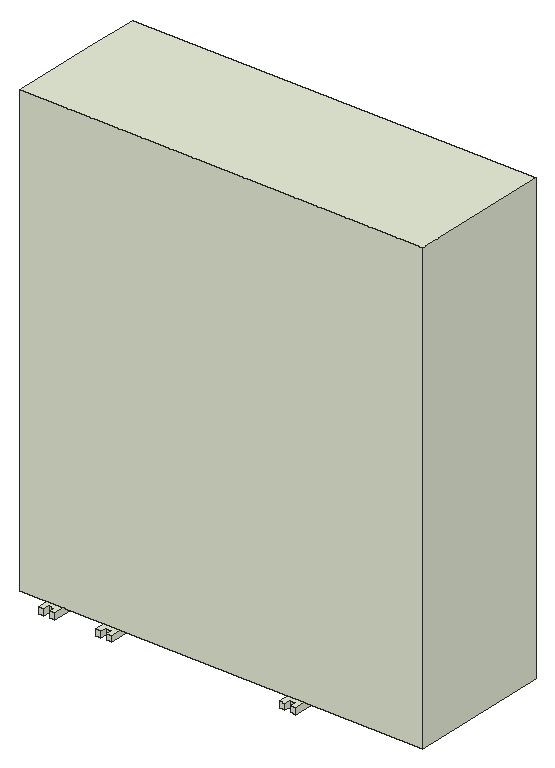
Revit family "Midea_V4+I_Outdoor_MDV-V450W_DRN1(DC50Hz)", category Mechanical Equipment, Revit 2013
Parameters (values of type "MDV-V450W/DRN1")
  clearance access right = 400.000 mm
  clearance access left = 600.000 mm
  clearance access front = 412.000 mm
  clearance access behind = 400.000 mm
  clearance [instance] = no
  Width = 1460.000 mm
  URL = "http://cac.midea.com/mideacac/product/VRF_System/v4_plus_individual_type/201506/t20150610_180809.shtml"
  Series = "V4 Plus"
  Power supply = "380-415V 3N~50Hz"
  Net Weight = 275.00 kg
  Model = "MDV-V450W/DRN1"
  Manufacturer = "Midea"
  Machine material = Galvanized Steel
  Casing color = SB2014
  MFA (Maximum Fuse Amps) = 60 A
  Liquid pipe = 12.700 mm
  Installation = "outdoor installation"
  Height = 1650.000 mm
  Heating Power Input = 12.7 kW
  Heating Capacity = 50 kW
  Gas pipe = 25.400 mm
  MCA (Minimum Circuit Amps) = 52.5 A
  Gas = "R410a"
  Description = "High efficiency air cooled"
  Depth = 540.000 mm
  Cooling Power Input = 13.6 kW
  Cooling Capacity = 50 kW
  Condensation = "air"
  Compressor = "2"
  Air Flow = 16575.000 m³/h
Reference planes
  plane 1 "中心(前/后)": y = 0
  plane 2: z = 0
  plane 3: x = -222
  plane 4: y = -200
  plane 5: y = 214
  plane 6: x = -599.5
  plane 7: x = 760.5
Forms (mm)
  Extrusion 1, solid, material "Galvanized Steel" <- "Machine material", detail levels medium+fine
    sketch origin (0, 8.2, 0) x (1, 0, 0) y (0, 1, 0)
      loop
        line (-699.5, 0) -> (-699.5, -322.2) -> (760.5, -322.2) -> (760.5, 191.8) -> (-699.5, 191.8) -> (-699.5, 0)
    from 22 to 1650
  Extrusion 2, void
    sketch origin (0, 0, 116.036) x (0, 1, 0) y (0, 0, 1)
      loop
        circle (-159.19, 448.964) r 15
    from -294.069 to -246.534
  Extrusion 3, void
    sketch origin (0, 334.19, 121.386) x (0, 1, 0) y (0, 0, 1)
      loop
        circle (-173.453, 443.614) r 15
    from -391.559 to -333.913
  Extrusion 4, solid, material "Galvanized Steel" <- "Machine material", detail levels medium+fine
    sketch origin (-868.7, -45.795, 165.026) x (0, 0, 1) y (-1, 0, 0)
      loop
        line (-143.026, -475) -> (-165.026, -475) -> (-165.026, -535) -> (-143.026, -535) -> (-143.026, -475)
    from -309.795 to 308.205
  Extrusion 5, void
    sketch origin (-868.7, 0, 0) x (0, 1, 0) y (1, 0, 0)
      loop
        line (270, 495) -> (270, 515) -> (247, 515) -> (247, 495) -> (270, 495)
    from -44.461 to 34
  Extrusion 6, void
    sketch origin (-868.7, 0, 0) x (0, 1, 0) y (1, 0, 0)
      loop
        line (-354, 495) -> (-334, 495) -> (-334, 515) -> (-354, 515) -> (-354, 495)
    from -44.461 to 34
  Extrusion 7, solid, material "Galvanized Steel" <- "Machine material", detail levels fine
    sketch origin (4267.2, 225, 1530.88) x (0, 0, -1) y (-1, 0, 0)
      loop
        line (627.963, 4348.7) -> (28.88, 4348.7) -> (28.88, 3775.7) -> (627.963, 3775.7) -> (627.963, 4348.7)
    from -25 to -11
  Extrusion 8, solid, material "Galvanized Steel" <- "Machine material", detail levels medium+fine
    sketch origin (-1074.5, -45.795, 165.026) x (0, 0, 1) y (-1, 0, 0)
      loop
        line (-143.026, -475) -> (-165.026, -475) -> (-165.026, -535) -> (-143.026, -535) -> (-143.026, -475)
    from -309.795 to 308.205
  Extrusion 9, void
    sketch origin (-1074.5, 0, 0) x (0, 1, 0) y (1, 0, 0)
      loop
        line (270, 495) -> (270, 515) -> (247, 515) -> (247, 495) -> (270, 495)
    from -44.461 to 34
  Extrusion 10, void
    sketch origin (-1074.5, 0, 0) x (0, 1, 0) y (1, 0, 0)
      loop
        line (-354, 495) -> (-334, 495) -> (-334, 515) -> (-354, 515) -> (-354, 495)
    from -44.461 to 34
  Extrusion 11, solid, material "Galvanized Steel" <- "Machine material", detail levels fine
    sketch origin (4267.2, 225, 141.12) x (0, 0, 1) y (1, 0, 0)
      loop
        line (1360.88, -4402.2) -> (-77.12, -4402.2) -> (-77.12, -4630.9) -> (72.88, -4630.9) -> (72.88, -4831.92) -> (1360.88, -4831.92) -> (1360.88, -4402.2)
    from -25 to -11
  Extrusion 12, void
    sketch origin (121.179, 250, 1200) x (-1, 0, 0) y (0, 0, 1)
      loop
        line (515.593, -452.375) -> (515.593, -517.121) -> (630.338, -517.121) -> (630.338, -452.375) -> (515.593, -452.375)
    from -50 to 88.894
  Extrusion 13, solid, material "Galvanized Steel" <- "Machine material", detail levels medium+fine
    sketch origin (809.3, -45.795, 165.026) x (0, 0, 1) y (-1, 0, 0)
      loop
        line (-143.026, 475) -> (-143.026, 535) -> (-165.026, 535) -> (-165.026, 475) -> (-143.026, 475)
    from -309.795 to 308.205
  Extrusion 14, void
    sketch origin (4621.5, -270, 989.604) x (0, 0, -1) y (-1, 0, 0)
      loop
        line (967.604, 4327.2) -> (967.604, 4307.2) -> (989.604, 4307.2) -> (989.604, 4327.2) -> (967.604, 4327.2)
    from -84 to -64
  Extrusion 15, void
    sketch origin (4252.7, -270, 989.604) x (0, 0, -1) y (-1, 0, 0)
      loop
        line (971.341, 4842.2) -> (971.341, 4802.2) -> (986.127, 4802.2) -> (986.127, 4842.2) -> (971.341, 4842.2)
    from 0 to 683.68
  Extrusion 16, void
    sketch origin (4621.5, -270, 989.604) x (0, 0, -1) y (-1, 0, 0)
      loop
        line (971.341, 4337.2) -> (971.341, 4297.2) -> (986.127, 4297.2) -> (986.127, 4337.2) -> (971.341, 4337.2)
    from 0 to 564.972
  Extrusion 17, void
    sketch origin (3398.5, -270, 989.604) x (0, 0, -1) y (-1, 0, 0)
      loop
        line (971.341, 3782.2) -> (971.341, 3742.2) -> (986.127, 3742.2) -> (986.127, 3782.2) -> (971.341, 3782.2)
    from 0 to 586.895
  Extrusion 18, solid, material "Galvanized Steel" <- "Machine material", detail levels fine
    sketch origin (4267.2, 225, 68.62) x (0, 0, 1) y (1, 0, 0)
      loop
        line (627.963, -4348.7) -> (627.963, -3775.7) -> (28.88, -3775.7) -> (28.88, -4348.7) -> (627.963, -4348.7)
    from -25 to -11
  Extrusion 19, void
    sketch origin (4621.5, 270, 989.604) x (0, 0, -1) y (1, 0, 0)
      loop
        line (967.604, -4327.2) -> (989.604, -4327.2) -> (989.604, -4307.2) -> (967.604, -4307.2) -> (967.604, -4327.2)
    from -33.404 to 23
  Extrusion 20, void
    sketch origin (0, -200, 22) x (0, 0, -1) y (-1, 0, 0)
      loop
        line (-725.625, 394.414) -> (-660.879, 394.414) -> (-660.879, 509.159) -> (-725.625, 509.159) -> (-725.625, 394.414)
    from -64 to 18.623
  Extrusion 21, solid, detail levels medium+fine
    sketch origin (-599.5, 0, 1558) x (0, 0, -1) y (0, 1, 0)
      loop
        circle (1398.461, -40) r 6.35
    from 0 to 34
  Extrusion 22, solid, detail levels medium+fine
    sketch origin (-599.5, 0, 1558) x (0, 0, -1) y (0, 1, 0)
      loop
        circle (1447.985, -40) r 12.7
    from -100.107 to 34
  Extrusion 23, solid, detail levels medium+fine
    sketch origin (-599.5, 41.781, 1607.793) x (0, 0, -1) y (0, 1, 0)
      loop
        circle (1447.985, -40) r 9.55
    from -100.5 to 34
Cuts and joins
  Extrusion 2, Extrusion 3, Extrusion 20 cuts Extrusion 1
  Extrusion 5, Extrusion 6, Extrusion 9, Extrusion 17 cuts Extrusion 4
  Extrusion 9, Extrusion 10, Extrusion 15 cuts Extrusion 8
  Extrusion 12 cuts Extrusion 11
  Extrusion 14, Extrusion 16, Extrusion 19 cuts Extrusion 13
Lines and regions (mm)
  symbolic lines, not visible
    curve 1: line (751.5, -283.6, 140) -> (631.5, -283.6, 140)
    curve 2: line (631.5, -283.6, 140) -> (631.5, -263.6, 140)
    curve 3: line (631.5, -263.6, 140) -> (589.074, -306.026, 140)
    curve 4: line (751.5, -328.453, 140) -> (631.5, -328.453, 140)
    curve 5: line (631.5, -328.453, 140) -> (631.5, -348.453, 140)
    curve 6: line (631.5, -348.453, 140) -> (589.074, -306.026, 140)
    curve 7: line (751.5, -283.6, 140) -> (751.5, -328.453, 140)
  model lines, detail levels fine
    curve 8: line (-599.5, 0, 518.191) -> (-599.5, 80, 518.191)
    curve 9: line (-599.5, 80, 518.191) -> (-599.5, 80, 218.191)
    curve 10: line (-599.5, 80, 218.191) -> (-599.5, -80, 218.191)
    curve 11: line (-599.5, -80, 218.191) -> (-599.5, -80, 518.191)
    curve 12: line (-599.5, -80, 518.191) -> (-599.5, 0, 518.191)
    curve 13: line (-599.5, -80, 498.191) -> (-599.5, 80, 498.191)
    curve 14: line (-599.5, -80, 478.191) -> (-599.5, 80, 478.191)
    curve 15: line (-599.5, -80, 458.191) -> (-599.5, 80, 458.191)
    curve 16: line (-599.5, -80, 438.191) -> (-599.5, 80, 438.191)
    curve 17: line (-599.5, -80, 418.191) -> (-599.5, 80, 418.191)
    curve 18: line (-599.5, -80, 398.191) -> (-599.5, 80, 398.191)
    curve 19: line (-599.5, -80, 378.191) -> (-599.5, 80, 378.191)
    curve 20: line (-599.5, -80, 358.191) -> (-599.5, 80, 358.191)
    curve 21: line (-599.5, -80, 338.191) -> (-599.5, 80, 338.191)
    curve 22: line (-599.5, -80, 318.191) -> (-599.5, 80, 318.191)
    curve 23: line (-599.5, -80, 298.191) -> (-599.5, 80, 298.191)
    curve 24: line (-599.5, -80, 278.191) -> (-599.5, 80, 278.191)
    curve 25: line (-599.5, -80, 258.191) -> (-599.5, 80, 258.191)
    curve 26: line (-599.5, -80, 238.191) -> (-599.5, 80, 238.191)
    curve 27: line (-599.5, -80, 218.191) -> (-599.5, 80, 218.191)
    curve 28: line (-599.5, 150.011, 180) -> (-599.5, 150.011, 64)
    curve 29: line (-599.5, 80, 180) -> (-599.5, 150.011, 180)
    curve 30: line (-599.5, 80, 64) -> (-599.5, 80, 180)
    curve 31: line (-599.5, 150.011, 64) -> (-599.5, 80, 64)
    curve 33: line (-438.5, 214, 1119.013) -> (-238.035, 214, 1003.275)
    curve 34: line (-455, 214, 1090.434) -> (-254.535, 214, 974.696)
    curve 35: arc (-455, 214, 1090.434) -> (-461.039, 214, 1112.974) -> (-438.5, 214, 1119.013) r 16.5
    curve 36: arc (-254.535, 214, 974.696) -> (-243.488, 214, 972.724) -> (-233.734, 214, 978.275) r 16.5
    curve 37: line (-233.734, 214, 978.275) -> (-194.247, 214, 955.477)
    curve 38: arc (-230.734, 214, 983.471) -> (-230.804, 214, 994.693) -> (-238.035, 214, 1003.275) r 16.5
    curve 39: line (-230.734, 214, 983.471) -> (-189.216, 214, 959.5)
    curve 40: circle (205, 214, 397) r 60 normal (0, -1, 0)
    curve 41: circle (205, 214, 397) r 80 normal (0, -1, 0)
    curve 42: circle (205, 214, 397) r 100 normal (0, -1, 0)
    curve 43: circle (205, 214, 397) r 120 normal (0, -1, 0)
    curve 44: circle (205, 214, 397) r 140 normal (0, -1, 0)
    curve 45: circle (205, 214, 397) r 160 normal (0, -1, 0)
    curve 46: circle (205, 214, 397) r 180 normal (0, -1, 0)
    curve 47: circle (205, 214, 397) r 200 normal (0, -1, 0)
    curve 48: circle (205, 214, 397) r 220 normal (0, -1, 0)
    curve 49: circle (205, 214, 397) r 240 normal (0, -1, 0)
    curve 50: circle (205, 214, 397) r 260 normal (0, -1, 0)
    curve 51: arc (271.982, 214, 125.13) -> (389.888, 214, 186.723) -> (466.063, 214, 295.777) r 280
    curve 52: arc (409.173, 214, 125.13) -> (439.478, 214, 150.789) -> (466.585, 214, 179.806) r 340
    curve 53: arc (156.323, 214, 432.079) -> (97.265, 214, 543.042) -> (113.864, 214, 667.641) r 205.533
    curve 54: arc (209.932, 214, 456.797) -> (249.977, 214, 572.528) -> (326.048, 214, 668.5) r 365
    curve 55: arc (240.079, 214, 445.677) -> (345.721, 214, 503.703) -> (465.73, 214, 492.524) r 205.533
    curve 56: arc (264.797, 214, 392.068) -> (374.078, 214, 355.477) -> (466.504, 214, 286.638) r 365
    curve 57: arc (169.921, 214, 348.323) -> (62.005, 214, 289.838) -> (-60, 214, 303.29) r 205.533
    curve 58: arc (145.203, 214, 401.932) -> (33.502, 214, 439.799) -> (-60.292, 214, 511.31) r 365
    curve 59: arc (332.623, 214, 125.5) -> (409.353, 214, 177.364) -> (466.607, 214, 250.161) r 300
    curve 60: arc (-60.433, 214, 184.526) -> (-31.461, 214, 152.692) -> (1.301, 214, 124.774) r 340
    curve 61: arc (-60.381, 214, 218.191) -> (-17.011, 214, 166.542) -> (36.22, 214, 125.13) r 320
    curve 62: arc (-60, 214, 256.376) -> (-3.218, 214, 181.025) -> (74.16, 214, 127.035) r 300
    curve 63: arc (0.335, 214, 668.5) -> (-31.296, 214, 641.467) -> (-59.388, 214, 610.773) r 340
    curve 64: arc (35.625, 214, 668.5) -> (-17.018, 214, 627.451) -> (-60, 214, 576.374) r 320
    curve 65: arc (77.377, 214, 668.5) -> (-1.638, 214, 614.487) -> (-59.62, 214, 538.338) r 300
    curve 66: arc (136.533, 214, 668.5) -> (14.771, 214, 602.458) -> (-60.434, 214, 486.132) r 280
    curve 67: arc (465.164, 214, 615.894) -> (438.898, 214, 643.762) -> (409.665, 214, 668.5) r 340
    curve 68: arc (466.063, 214, 582.057) -> (424.516, 214, 629.836) -> (374.375, 214, 668.5) r 320
    curve 69: arc (466.063, 214, 544.804) -> (408.947, 214, 617.013) -> (332.623, 214, 668.5) r 300
    curve 70: arc (466.063, 214, 498.223) -> (390.462, 214, 606.771) -> (273.467, 214, 668.5) r 280
    curve 71: arc (-60, 214, 306.584) -> (15.832, 214, 190.565) -> (138.018, 214, 125.13) r 280
    curve 72: arc (200.068, 214, 337.203) -> (160.117, 214, 221.642) -> (84.241, 214, 125.76) r 365
    curve 73: line (466.063, 214, 125.13) -> (-60, 214, 125.13)
    curve 74: line (-60, 214, 125.13) -> (-60, 214, 668.5)
    curve 75: arc (384.26, 214, 131.923) -> (428.767, 214, 168.246) -> (466.063, 214, 211.943) r 320
    curve 76: line (466.063, 214, 125.13) -> (466.063, 214, 668.5)
    curve 77: line (466.063, 214, 668.5) -> (-60, 214, 668.5)
    curve 78: arc (234.916, 214, 344.99) -> (292.286, 214, 242.391) -> (284.044, 214, 125.13) r 205.533
    curve 79: circle (205, 214, 1199.791) r 60 normal (0, 1, 0)
    curve 80: circle (205, 214, 1199.791) r 80 normal (0, 1, 0)
    curve 81: circle (205, 214, 1199.791) r 100 normal (0, 1, 0)
    curve 82: circle (205, 214, 1199.791) r 120 normal (0, 1, 0)
    curve 83: circle (205, 214, 1199.791) r 140 normal (0, 1, 0)
    curve 84: circle (205, 214, 1199.791) r 160 normal (0, 1, 0)
    curve 85: circle (205, 214, 1199.791) r 180 normal (0, 1, 0)
    curve 86: circle (205, 214, 1199.791) r 200 normal (0, 1, 0)
    curve 87: circle (205, 214, 1199.791) r 220 normal (0, 1, 0)
    curve 88: circle (205, 214, 1199.791) r 240 normal (0, 1, 0)
    curve 89: circle (205, 214, 1199.791) r 260 normal (0, 1, 0)
    curve 90: arc (271.982, 214, 1471.661) -> (389.888, 214, 1410.068) -> (466.063, 214, 1301.014) r 280
    curve 91: arc (409.173, 214, 1471.661) -> (439.478, 214, 1446.002) -> (466.585, 214, 1416.985) r 340
    curve 92: arc (156.323, 214, 1164.712) -> (97.265, 214, 1053.749) -> (113.864, 214, 929.15) r 205.533
    curve 93: arc (209.932, 214, 1139.994) -> (249.977, 214, 1024.263) -> (326.048, 214, 928.291) r 365
    curve 94: arc (240.079, 214, 1151.114) -> (345.721, 214, 1093.088) -> (465.73, 214, 1104.267) r 205.533
    curve 95: arc (264.797, 214, 1204.722) -> (374.078, 214, 1241.314) -> (466.504, 214, 1310.153) r 365
    curve 96: arc (169.921, 214, 1248.468) -> (62.005, 214, 1306.953) -> (-60, 214, 1293.501) r 205.533
    curve 97: arc (145.203, 214, 1194.859) -> (33.502, 214, 1156.992) -> (-60.292, 214, 1085.481) r 365
    curve 98: arc (332.623, 214, 1471.291) -> (409.353, 214, 1419.426) -> (466.607, 214, 1346.63) r 300
    curve 99: arc (-60.433, 214, 1412.265) -> (-31.461, 214, 1444.099) -> (1.301, 214, 1472.017) r 340
    curve 100: arc (-60.381, 214, 1378.6) -> (-17.011, 214, 1430.249) -> (36.22, 214, 1471.661) r 320
    curve 101: arc (-60, 214, 1340.415) -> (-3.218, 214, 1415.766) -> (74.16, 214, 1469.756) r 300
    curve 102: arc (0.335, 214, 928.291) -> (-31.296, 214, 955.324) -> (-59.388, 214, 986.018) r 340
    curve 103: arc (35.625, 214, 928.291) -> (-17.018, 214, 969.339) -> (-60, 214, 1020.417) r 320
    curve 104: arc (77.377, 214, 928.291) -> (-1.638, 214, 982.304) -> (-59.62, 214, 1058.453) r 300
    curve 105: arc (136.533, 214, 928.291) -> (14.771, 214, 994.333) -> (-60.434, 214, 1110.659) r 280
    curve 106: arc (465.164, 214, 980.897) -> (438.898, 214, 953.029) -> (409.665, 214, 928.291) r 340
    curve 107: arc (466.063, 214, 1014.734) -> (424.516, 214, 966.955) -> (374.375, 214, 928.291) r 320
    curve 108: arc (466.063, 214, 1051.987) -> (408.947, 214, 979.778) -> (332.623, 214, 928.291) r 300
    curve 109: arc (466.063, 214, 1098.568) -> (390.462, 214, 990.02) -> (273.467, 214, 928.291) r 280
    curve 110: arc (-60, 214, 1290.207) -> (15.832, 214, 1406.226) -> (138.018, 214, 1471.661) r 280
    curve 111: arc (200.068, 214, 1259.588) -> (160.117, 214, 1375.149) -> (84.241, 214, 1471.031) r 365
    curve 112: line (466.063, 214, 1471.661) -> (-60, 214, 1471.661)
    curve 113: line (-60, 214, 1471.661) -> (-60, 214, 928.291)
    curve 114: arc (384.26, 214, 1464.868) -> (428.767, 214, 1428.544) -> (466.063, 214, 1384.848) r 320
    curve 115: line (466.063, 214, 1471.661) -> (466.063, 214, 928.291)
    curve 116: line (466.063, 214, 928.291) -> (-60, 214, 928.291)
    curve 117: arc (234.916, 214, 1251.801) -> (292.286, 214, 1354.4) -> (284.044, 214, 1471.661) r 205.533
    curve 118: line (491.5, 200, 843.732) -> (346.5, 200, 843.732)
    curve 119: line (491.5, 200, 755.768) -> (491.5, 200, 843.732)
    curve 120: line (346.5, 200, 755.768) -> (491.5, 200, 755.768)
    curve 121: line (346.5, 200, 843.732) -> (346.5, 200, 755.768)
    curve 122: line (287.279, 200, 817.219) -> (-81.5, 200, 817.219)
    curve 123: line (287.279, 200, 782.281) -> (287.279, 200, 817.219)
    curve 124: line (-81.5, 200, 782.281) -> (287.279, 200, 782.281)
    curve 125: line (-81.5, 200, 817.219) -> (-81.5, 200, 782.281)
    curve 126: line (-438.5, 214, 1244.013) -> (-238.035, 214, 1128.275)
    curve 127: line (-455, 214, 1215.434) -> (-254.535, 214, 1099.696)
    curve 128: arc (-455, 214, 1215.434) -> (-461.039, 214, 1237.974) -> (-438.5, 214, 1244.013) r 16.5
    curve 129: line (-438.5, 214, 1369.013) -> (-238.035, 214, 1253.275)
    curve 130: line (-455, 214, 1340.434) -> (-254.535, 214, 1224.696)
    curve 131: arc (-455, 214, 1340.434) -> (-461.039, 214, 1362.974) -> (-438.5, 214, 1369.013) r 16.5
    curve 132: arc (-238.035, 214, 1253.275) -> (-231.996, 214, 1230.735) -> (-254.535, 214, 1224.696) r 16.5
    curve 133: arc (-238.035, 214, 1128.275) -> (-231.996, 214, 1105.735) -> (-254.535, 214, 1099.696) r 16.5
    curve 134: line (-438.5, 214, 480.487) -> (-238.035, 214, 596.225)
    curve 135: line (-455, 214, 509.066) -> (-254.535, 214, 624.804)
    curve 136: arc (-455, 214, 509.066) -> (-461.039, 214, 486.526) -> (-438.5, 214, 480.487) r 16.5
    curve 137: arc (-254.535, 214, 624.804) -> (-243.488, 214, 626.776) -> (-233.734, 214, 621.225) r 16.5
    curve 138: line (-233.734, 214, 621.225) -> (-194.247, 214, 644.023)
    curve 139: arc (-230.734, 214, 616.029) -> (-230.804, 214, 604.807) -> (-238.035, 214, 596.225) r 16.5
    curve 140: line (-230.734, 214, 616.029) -> (-189.216, 214, 640)
    curve 141: line (-438.5, 214, 355.487) -> (-238.035, 214, 471.225)
    curve 142: line (-455, 214, 384.066) -> (-254.535, 214, 499.804)
    curve 143: arc (-455, 214, 384.066) -> (-461.039, 214, 361.526) -> (-438.5, 214, 355.487) r 16.5
    curve 144: line (-438.5, 214, 230.487) -> (-238.035, 214, 346.225)
    curve 145: line (-455, 214, 259.066) -> (-254.535, 214, 374.804)
    curve 146: arc (-455, 214, 259.066) -> (-461.039, 214, 236.526) -> (-438.5, 214, 230.487) r 16.5
    curve 147: arc (-238.035, 214, 346.225) -> (-231.996, 214, 368.765) -> (-254.535, 214, 374.804) r 16.5
    curve 148: arc (-238.035, 214, 471.225) -> (-231.996, 214, 493.765) -> (-254.535, 214, 499.804) r 16.5
    curve 149: line (-194.247, 214, 955.477) -> (-194.247, 214, 644.023)
    curve 150: line (-189.216, 214, 959.5) -> (-189.216, 214, 640)
    curve 151: line (-599.5, 20, 929.15) -> (-599.5, 20, 1472.017)
    curve 152: line (-599.5, -20, 1472.017) -> (-599.5, -20, 929.15)
    curve 153: line (-599.5, 80, 929.15) -> (-599.5, 80, 1472.017)
    curve 154: line (-599.5, 40, 1472.017) -> (-599.5, 40, 929.15)
    curve 155: arc (-599.5, -20, 1472.017) -> (-599.5, 0, 1492.017) -> (-599.5, 20, 1472.017) r 20
    curve 156: arc (-599.5, 40, 1472.017) -> (-599.5, 60, 1492.017) -> (-599.5, 80, 1472.017) r 20
    curve 157: arc (-599.5, 40, 929.15) -> (-599.5, 60, 909.15) -> (-599.5, 80, 929.15) r 20
    curve 158: arc (-599.5, -20, 929.15) -> (-599.5, 0, 909.15) -> (-599.5, 20, 929.15) r 20
    curve 159: line (-599.5, -80, 929.15) -> (-599.5, -80, 1472.017)
    curve 160: line (-599.5, -40, 1472.017) -> (-599.5, -40, 929.15)
    curve 161: arc (-599.5, -40, 1472.017) -> (-599.5, -60, 1492.017) -> (-599.5, -80, 1472.017) r 20
    curve 162: arc (-599.5, -40, 929.15) -> (-599.5, -60, 909.15) -> (-599.5, -80, 929.15) r 20
  reference lines
    curve 32: line (-579.5, 250, 0) -> (-579.5, 247, 0)
  model lines
    curve 163: circle (-599.5, -40, 110.015) r 9.55 normal (1, 0, 0)
    curve 164: line (760.5, -314, 1650) -> (760.5, 200, 1650)
    curve 165: line (760.5, 200, 1650) -> (-699.5, 200, 1650)
    curve 166: line (-699.5, 200, 1650) -> (-699.5, -314, 1650)
    curve 167: line (-699.5, -314, 1650) -> (760.5, -314, 1650)
    curve 168: line (760.5, -314, 22) -> (760.5, 200, 22)
    curve 169: line (760.5, 200, 22) -> (-699.5, 200, 22)
    curve 170: line (-699.5, 200, 22) -> (-699.5, -314, 22)
    curve 171: line (-699.5, -314, 22) -> (760.5, -314, 22)
    curve 172: line (-699.5, 200, 1650) -> (-699.5, 200, 22)
    curve 173: line (-699.5, -314, 22) -> (-699.5, -314, 1650)
    curve 174: line (760.5, 200, 1650) -> (760.5, 200, 22)
    curve 175: line (760.5, -314, 22) -> (760.5, -314, 1650)
Dimensions and locks
  cut or joined group of Extrusion 1, Extrusion 2, Extrusion 3, Extrusion 20 to cut or joined group of Extrusion 1, Extrusion 2, Extrusion 3, Extrusion 20 = 1460.000 mm
  "Depth": cut or joined group of Extrusion 1, Extrusion 2, Extrusion 3, Extrusion 20 to nested 1
  "Height": level to cut or joined group of Extrusion 1, Extrusion 2, Extrusion 3, Extrusion 20
  "Width": cut or joined group of Extrusion 1, Extrusion 2, Extrusion 3, Extrusion 20 to cut or joined group of Extrusion 1, Extrusion 2, Extrusion 3, Extrusion 20
  "clearance access right": nested 3 to nested 3
  "clearance access left": nested 4 to cut or joined group of Extrusion 1, Extrusion 2, Extrusion 3, Extrusion 20
  "clearance access front": nested 1 to cut or joined group of Extrusion 11, Extrusion 12
  "Liquid pipe": diameter of Extrusion 21
  "Gas pipe": diameter of Extrusion 22
  aligned and locked: level to plane 2
Automatic sketch dimensions
  Extrusion 1 sketch curve to plane 6 = 100.000 mm
  plane 4 to Extrusion 1 sketch curve = 114.000 mm
  Extrusion 1 sketch curve to plane 1 "中心(前/后)" = 8.200 mm
  Extrusion 1 sketch curve to plane 3 = 982.500 mm
  Extrusion 2 sketch curve to plane 4 = 40.810 mm
  level to Extrusion 2 sketch curve = 565.000 mm
  level to Extrusion 3 sketch curve = 565.000 mm
  Extrusion 4 sketch curve to level = 0.000 mm
  level to Extrusion 4 sketch curve = 22.000 mm
  plane 3 to Extrusion 4 sketch curve = 111.700 mm
  Extrusion 4 sketch curve to Extrusion 4 sketch curve = 60.000 mm
  Extrusion 5 sketch curve to plane 5 = 33.000 mm
  Extrusion 5 sketch curve to plane 5 = 56.000 mm
  plane 3 to Extrusion 5 sketch curve = 131.700 mm
  Extrusion 5 sketch curve to Extrusion 5 sketch curve = 20.000 mm
  plane 4 to Extrusion 6 sketch curve = 154.000 mm
  plane 3 to Extrusion 6 sketch curve = 131.700 mm
  Extrusion 6 sketch curve to Extrusion 6 sketch curve = 20.000 mm  (x2)
  plane 6 to curve 32 = 20.000 mm
  curve 32 to plane 5 = 33.000 mm
  curve 32 to curve 32 = 3.000 mm
  Extrusion 7 sketch curve to plane 3 = 713.500 mm
  Extrusion 7 sketch curve to plane 3 = 140.500 mm
  Extrusion 7 sketch curve to Extrusion 7 sketch curve = 599.082 mm
  Extrusion 8 sketch curve to level = 0.000 mm
  plane 6 to Extrusion 8 sketch curve = 0.000 mm
  level to Extrusion 8 sketch curve = 22.000 mm
  plane 6 to Extrusion 8 sketch curve = 60.000 mm
  Extrusion 9 sketch curve to plane 5 = 33.000 mm
  plane 6 to Extrusion 9 sketch curve = 40.000 mm
  Extrusion 9 sketch curve to Extrusion 9 sketch curve = 23.000 mm
  plane 6 to Extrusion 9 sketch curve = 20.000 mm
  plane 6 to Extrusion 10 sketch curve = 20.000 mm
  plane 4 to Extrusion 10 sketch curve = 154.000 mm
  plane 6 to Extrusion 10 sketch curve = 40.000 mm
  Extrusion 10 sketch curve to Extrusion 10 sketch curve = 20.000 mm
  level to Extrusion 11 sketch curve = 64.000 mm
  plane 6 to Extrusion 11 sketch curve = 34.780 mm
  Extrusion 11 sketch curve to Extrusion 11 sketch curve = 150.000 mm
  plane 3 to Extrusion 11 sketch curve = 141.700 mm
  Extrusion 11 sketch curve to plane 3 = 87.000 mm
  plane 3 to Extrusion 12 sketch curve = 172.414 mm
  level to Extrusion 12 sketch curve = 682.879 mm
  plane 6 to Extrusion 12 sketch curve = 90.341 mm
  Extrusion 12 sketch curve to Extrusion 12 sketch curve = 64.746 mm
  Extrusion 13 sketch curve to level = 0.000 mm
  Extrusion 13 sketch curve to plane 3 = 556.300 mm
  level to Extrusion 13 sketch curve = 22.000 mm
  Extrusion 13 sketch curve to Extrusion 13 sketch curve = 60.000 mm
  Extrusion 14 sketch curve to level = 0.000 mm
  Extrusion 14 sketch curve to level = 22.000 mm
  plane 3 to Extrusion 14 sketch curve = 516.300 mm
  Extrusion 14 sketch curve to Extrusion 14 sketch curve = 20.000 mm
  Extrusion 15 sketch curve to level = 18.263 mm
  Extrusion 15 sketch curve to level = 3.477 mm
  Extrusion 15 sketch curve to plane 6 = 10.000 mm
  Extrusion 15 sketch curve to Extrusion 15 sketch curve = 40.000 mm
  Extrusion 16 sketch curve to level = 18.263 mm
  Extrusion 16 sketch curve to level = 3.477 mm
  plane 3 to Extrusion 16 sketch curve = 506.300 mm
  Extrusion 16 sketch curve to Extrusion 16 sketch curve = 40.000 mm
  Extrusion 17 sketch curve to level = 18.263 mm
  Extrusion 17 sketch curve to level = 3.477 mm
  Extrusion 17 sketch curve to plane 3 = 161.700 mm
  Extrusion 17 sketch curve to Extrusion 17 sketch curve = 40.000 mm
  level to Extrusion 18 sketch curve = 97.500 mm
  Extrusion 18 sketch curve to plane 3 = 140.500 mm
  Extrusion 18 sketch curve to Extrusion 18 sketch curve = 599.082 mm
  Extrusion 18 sketch curve to Extrusion 18 sketch curve = 573.000 mm
  curve 8 to plane 1 "中心(前/后)" = 0.000 mm
  level to curve 8 = 518.191 mm
  plane 1 "中心(前/后)" to curve 11 = 80.000 mm
  level to curve 11 = 218.191 mm
  curve 27 to curve 29 = 38.191 mm
  level to curve 31 = 64.000 mm
  curve 8 to curve 13 = 20.000 mm
  curve 13 to curve 14 = 20.000 mm
  curve 14 to curve 15 = 20.000 mm
  curve 15 to curve 16 = 20.000 mm
  curve 16 to curve 17 = 20.000 mm
  curve 17 to curve 18 = 20.000 mm
  curve 18 to curve 19 = 20.000 mm
  curve 19 to curve 20 = 20.000 mm
  curve 20 to curve 21 = 20.000 mm
  curve 21 to curve 22 = 20.000 mm
  curve 22 to curve 23 = 20.000 mm
  curve 23 to curve 24 = 20.000 mm
  curve 24 to curve 25 = 20.000 mm
  curve 26 to curve 10 = 20.000 mm
  curve 8 to plane 1 "中心(前/后)" = 80.000 mm
  curve 30 to curve 27 = 0.000 mm
  Extrusion 19 sketch curve to level = 0.000 mm
  level to Extrusion 19 sketch curve = 22.000 mm
  Extrusion 19 sketch curve to plane 3 = 516.300 mm
  Extrusion 19 sketch curve to Extrusion 19 sketch curve = 20.000 mm
  curve 36 to curve 38 = 0.000 mm  (x3)
  curve 40 to curve 41 = 0.000 mm  (x3)
  curve 40 to curve 42 = 0.000 mm  (x3)
  curve 40 to curve 43 = 0.000 mm  (x3)
  curve 40 to curve 44 = 0.000 mm  (x3)
  curve 40 to curve 45 = 0.000 mm  (x3)
  curve 40 to curve 46 = 0.000 mm  (x3)
  curve 40 to curve 47 = 0.000 mm  (x3)
  curve 40 to curve 48 = 0.000 mm  (x3)
  curve 40 to curve 49 = 0.000 mm  (x3)
  curve 40 to curve 50 = 0.000 mm  (x3)
  curve 40 to curve 51 = 0.000 mm  (x3)
  curve 40 to curve 52 = 0.000 mm  (x3)
  curve 40 to curve 59 = 0.000 mm  (x3)
  curve 40 to curve 60 = 0.000 mm  (x3)
  curve 40 to curve 61 = 0.000 mm  (x3)
  curve 40 to curve 62 = 0.000 mm  (x3)
  curve 40 to curve 63 = 0.000 mm  (x3)
  curve 40 to curve 64 = 0.000 mm  (x3)
  curve 40 to curve 65 = 0.000 mm  (x3)
  curve 40 to curve 66 = 0.000 mm  (x3)
  curve 40 to curve 67 = 0.000 mm  (x3)
  curve 40 to curve 68 = 0.000 mm  (x3)
  curve 40 to curve 69 = 0.000 mm  (x3)
  curve 40 to curve 70 = 0.000 mm  (x3)
  curve 40 to curve 71 = 0.000 mm  (x3)
  curve 40 to curve 75 = 0.000 mm  (x3)
  curve 79 to curve 80 = 0.000 mm  (x3)
  curve 79 to curve 81 = 0.000 mm  (x3)
  curve 79 to curve 82 = 0.000 mm  (x3)
  curve 79 to curve 83 = 0.000 mm  (x3)
  curve 79 to curve 84 = 0.000 mm  (x3)
  curve 79 to curve 85 = 0.000 mm  (x3)
  curve 79 to curve 86 = 0.000 mm  (x3)
  curve 79 to curve 87 = 0.000 mm  (x3)
  curve 79 to curve 88 = 0.000 mm  (x3)
  curve 79 to curve 89 = 0.000 mm  (x3)
  curve 79 to curve 90 = 0.000 mm  (x3)
  curve 79 to curve 91 = 0.000 mm  (x3)
  curve 79 to curve 98 = 0.000 mm  (x3)
  curve 79 to curve 99 = 0.000 mm  (x3)
  curve 79 to curve 100 = 0.000 mm  (x3)
  curve 79 to curve 101 = 0.000 mm  (x3)
  curve 79 to curve 102 = 0.000 mm  (x3)
  curve 79 to curve 103 = 0.000 mm  (x3)
  curve 79 to curve 104 = 0.000 mm  (x3)
  curve 79 to curve 105 = 0.000 mm  (x3)
  curve 79 to curve 106 = 0.000 mm  (x3)
  curve 79 to curve 107 = 0.000 mm  (x3)
  curve 79 to curve 108 = 0.000 mm  (x3)
  curve 79 to curve 109 = 0.000 mm  (x3)
  curve 79 to curve 110 = 0.000 mm  (x3)
  curve 79 to curve 114 = 0.000 mm  (x3)
  curve 137 to curve 139 = 0.000 mm  (x3)
  plane 6 to curve 127 = 144.500 mm
  plane 6 to curve 145 = 144.500 mm
  curve 34 to curve 128 = 0.000 mm
  plane 6 to curve 135 = 144.500 mm
  curve 127 to curve 130 = 0.000 mm
  curve 146 to curve 142 = 0.000 mm
  curve 34 to curve 33 = 16.500 mm
  curve 142 to curve 141 = 16.500 mm
  curve 127 to curve 126 = 16.500 mm
  curve 135 to curve 134 = 16.500 mm
  curve 130 to curve 129 = 16.500 mm
  curve 145 to curve 144 = 16.500 mm
  plane 3 to curve 135 = 32.535 mm
  plane 3 to curve 34 = 32.535 mm
  plane 3 to curve 33 = 16.035 mm
  plane 3 to curve 134 = 16.035 mm
  plane 3 to curve 37 = 11.734 mm
  plane 3 to curve 138 = 11.734 mm
  curve 36 to curve 39 = 3.000 mm
  curve 138 to curve 140 = 3.000 mm
  curve 113 to plane 3 = 162.000 mm
  curve 77 to plane 3 = 162.000 mm
  curve 113 to curve 115 = 526.063 mm
  level to curve 73 = 125.130 mm
  curve 73 to curve 73 = 526.063 mm
  curve 135 to curve 136 = 8.250 mm
  curve 130 to curve 131 = 8.250 mm
  curve 142 to curve 143 = 8.250 mm
  curve 145 to curve 146 = 8.250 mm
  curve 127 to curve 128 = 8.250 mm
  curve 34 to curve 35 = 8.250 mm
  plane 3 to curve 127 = 32.535 mm
  plane 3 to curve 142 = 32.535 mm
  plane 3 to curve 130 = 32.535 mm
  plane 3 to curve 145 = 32.535 mm
  curve 135 to curve 139 = 8.250 mm
  curve 34 to curve 36 = 8.250 mm
  plane 3 to curve 126 = 16.035 mm
  plane 3 to curve 129 = 16.035 mm
  plane 3 to curve 144 = 16.035 mm
  plane 3 to curve 141 = 16.035 mm
  curve 138 to plane 3 = 27.753 mm
  curve 37 to plane 3 = 27.753 mm
  curve 37 to curve 39 = 5.031 mm
  curve 138 to curve 140 = 5.031 mm
  curve 72 to plane 3 = 62.000 mm
  curve 111 to plane 3 = 62.000 mm
  curve 105 to curve 103 = 0.434 mm
  curve 66 to curve 64 = 0.434 mm
  curve 60 to curve 73 = 0.433 mm
  curve 99 to curve 112 = 0.433 mm
  curve 60 to curve 61 = 0.052 mm
  curve 99 to curve 100 = 0.052 mm
  curve 105 to curve 97 = 0.143 mm
  curve 66 to curve 58 = 0.143 mm
  curve 58 to curve 65 = 0.672 mm
  curve 97 to curve 104 = 0.672 mm
  curve 103 to curve 102 = 0.612 mm
  curve 64 to curve 63 = 0.612 mm
  curve 113 to curve 102 = 60.335 mm
  curve 74 to curve 63 = 60.335 mm
  curve 73 to curve 60 = 61.301 mm
  curve 112 to curve 99 = 61.301 mm
  curve 105 to curve 96 = 82.934 mm
  curve 66 to curve 57 = 82.934 mm
  curve 63 to curve 64 = 35.290 mm
  curve 102 to curve 103 = 35.290 mm
  curve 60 to curve 61 = 34.919 mm
  curve 99 to curve 100 = 34.919 mm
  curve 61 to curve 62 = 37.940 mm
  curve 100 to curve 101 = 37.940 mm
  curve 103 to curve 104 = 41.751 mm
  curve 64 to curve 65 = 41.751 mm
  curve 101 to curve 111 = 10.081 mm
  curve 62 to curve 72 = 10.081 mm
  curve 72 to curve 78 = 7.459 mm
  curve 111 to curve 117 = 7.459 mm
  curve 65 to curve 53 = 36.488 mm
  curve 104 to curve 92 = 36.488 mm
  curve 53 to curve 66 = 22.669 mm
  curve 92 to curve 105 = 22.669 mm
  curve 72 to curve 71 = 53.777 mm
  curve 111 to curve 110 = 53.777 mm
  curve 57 to curve 58 = 122.703 mm
  curve 96 to curve 97 = 122.703 mm
  curve 58 to curve 53 = 11.120 mm
  curve 97 to curve 92 = 11.120 mm
  curve 97 to curve 96 = 24.718 mm
  curve 58 to curve 57 = 24.718 mm
  curve 57 to curve 72 = 30.147 mm
  curve 96 to curve 111 = 30.147 mm
  curve 72 to curve 43 = 4.932 mm
  curve 110 to curve 95 = 66.982 mm
  curve 96 to curve 80 = 35.079 mm
  curve 105 to curve 97 = 68.467 mm
  curve 58 to curve 97 = 0.000 mm
  level to curve 56 = 32.000 mm
  curve 71 to curve 56 = 66.982 mm
  curve 53 to curve 54 = 53.609 mm
  curve 92 to curve 93 = 53.609 mm
  curve 111 to curve 117 = 34.847 mm
  curve 72 to curve 78 = 34.847 mm
  curve 93 to curve 94 = 30.147 mm
  curve 54 to curve 55 = 30.147 mm
  curve 117 to curve 95 = 29.881 mm
  curve 78 to curve 56 = 29.881 mm
  curve 56 to curve 51 = 66.982 mm
  curve 95 to curve 90 = 66.982 mm
  curve 97 to curve 109 = 68.467 mm
  curve 58 to curve 70 = 68.467 mm
  curve 90 to curve 117 = 12.062 mm
  curve 51 to curve 78 = 12.062 mm
  curve 109 to curve 92 = 26.071 mm
  curve 70 to curve 53 = 26.071 mm
  curve 109 to curve 93 = 52.581 mm
  curve 70 to curve 54 = 52.581 mm
  curve 54 to curve 69 = 6.576 mm
  curve 78 to curve 59 = 48.579 mm
  curve 93 to curve 108 = 6.576 mm
  curve 117 to curve 98 = 48.579 mm
  curve 69 to curve 68 = 41.751 mm
  curve 108 to curve 107 = 41.751 mm
  curve 98 to curve 114 = 51.636 mm
  curve 59 to curve 75 = 51.636 mm
  curve 94 to curve 90 = 78.563 mm
  curve 55 to curve 51 = 78.563 mm
  curve 114 to curve 91 = 24.913 mm
  curve 75 to curve 52 = 24.913 mm
  curve 107 to curve 106 = 35.290 mm
  curve 68 to curve 67 = 35.290 mm
  curve 67 to curve 68 = 0.899 mm
  curve 106 to curve 107 = 0.899 mm
  curve 94 to curve 109 = 0.333 mm
  curve 55 to curve 70 = 0.333 mm
  curve 51 to curve 56 = 0.441 mm
  curve 90 to curve 95 = 0.441 mm
  curve 75 to curve 52 = 0.522 mm
  curve 114 to curve 91 = 0.522 mm
  curve 95 to curve 98 = 0.103 mm
  curve 56 to curve 59 = 0.103 mm
  curve 94 to curve 93 = 104.270 mm
  curve 55 to curve 54 = 104.270 mm
  curve 131 to curve 130 = 28.579 mm
  curve 131 to curve 126 = 96.421 mm
  curve 128 to curve 127 = 28.579 mm
  curve 128 to curve 33 = 96.421 mm
  curve 35 to curve 34 = 28.579 mm
  curve 33 to curve 33 = 115.738 mm
  curve 33 to curve 39 = 19.804 mm
  curve 38 to curve 37 = 5.196 mm
  curve 39 to curve 116 = 55.180 mm
  curve 113 to curve 77 = 259.791 mm
  curve 74 to curve 135 = 43.696 mm
  curve 137 to curve 138 = 3.579 mm
  curve 138 to curve 140 = 5.196 mm
  curve 135 to curve 135 = 115.738 mm
  curve 135 to curve 134 = 28.579 mm
  curve 134 to curve 142 = 96.421 mm  (x2)
  curve 142 to curve 141 = 28.579 mm  (x2)
  curve 141 to curve 145 = 96.421 mm
  curve 145 to curve 144 = 28.579 mm  (x2)
  curve 99 to curve 100 = 0.356 mm
  curve 117 to curve 98 = 0.370 mm
  curve 100 to curve 111 = 0.630 mm
  curve 111 to curve 101 = 1.276 mm
  curve 91 to curve 114 = 6.793 mm
  curve 112 to curve 91 = 54.676 mm
  curve 111 to curve 117 = 71.809 mm
  curve 90 to curve 94 = 6.685 mm
  curve 96 to curve 110 = 3.294 mm
  curve 129 to curve 111 = 53.484 mm
  curve 129 to curve 130 = 28.579 mm
  curve 130 to curve 126 = 96.421 mm
  curve 126 to curve 127 = 28.579 mm
  curve 105 to curve 97 = 25.178 mm
  curve 92 to curve 109 = 89.000 mm
  curve 39 to curve 39 = 23.971 mm
  curve 39 to curve 37 = 4.023 mm
  curve 97 to curve 58 = 72.791 mm
  curve 66 to curve 53 = 0.859 mm
  curve 138 to curve 138 = 22.798 mm
  curve 138 to curve 140 = 4.023 mm
  curve 76 to curve 67 = 52.606 mm
  curve 70 to curve 53 = 89.000 mm
  curve 70 to curve 55 = 5.699 mm
  curve 57 to curve 66 = 5.406 mm
  curve 141 to curve 72 = 74.225 mm
  curve 72 to curve 145 = 22.196 mm
  curve 62 to curve 61 = 38.186 mm
  curve 56 to curve 59 = 36.477 mm
  curve 75 to curve 52 = 32.137 mm
  curve 61 to curve 60 = 33.665 mm
  level to curve 121 = 755.768 mm
  curve 125 to plane 3 = 140.500 mm
  curve 120 to curve 124 = 26.512 mm
  curve 124 to curve 122 = 34.939 mm
  curve 119 to curve 119 = 87.963 mm
  curve 124 to curve 123 = 368.779 mm
  curve 122 to curve 121 = 59.221 mm
  curve 120 to curve 119 = 145.000 mm
  plane 6 to Extrusion 20 sketch curve = 90.341 mm
  level to Extrusion 20 sketch curve = 747.625 mm
  plane 3 to Extrusion 20 sketch curve = 172.414 mm
  Extrusion 20 sketch curve to Extrusion 20 sketch curve = 64.746 mm
  plane 3 to curve 147 = 16.035 mm
  level to curve 147 = 346.225 mm
  curve 147 to curve 147 = 14.289 mm  (x2)
  plane 3 to curve 148 = 16.035 mm
  curve 147 to curve 148 = 96.421 mm
  curve 148 to curve 148 = 14.289 mm  (x2)
  curve 150 to plane 3 = 32.784 mm
  curve 148 to curve 150 = 140.196 mm
  curve 150 to curve 149 = 4.023 mm
  curve 149 to plane 3 = 27.753 mm
  curve 149 to curve 149 = 311.454 mm
  curve 149 to curve 150 = 4.023 mm
  plane 3 to curve 133 = 32.535 mm
  curve 150 to curve 133 = 140.196 mm
  curve 133 to curve 133 = 14.289 mm  (x2)
  plane 3 to curve 132 = 32.535 mm
  curve 133 to curve 132 = 96.421 mm
  curve 132 to curve 132 = 14.289 mm  (x2)
  plane 3 to curve 132 = 16.035 mm
  plane 3 to curve 133 = 16.035 mm
  curve 148 to curve 148 = 8.250 mm
  curve 147 to curve 147 = 8.250 mm
  plane 1 "中心(前/后)" to Extrusion 21 sketch curve = 40.000 mm
  level to Extrusion 21 sketch curve = 159.539 mm
  plane 1 "中心(前/后)" to Extrusion 22 sketch curve = 40.000 mm
  level to Extrusion 22 sketch curve = 110.015 mm
  plane 5 to Extrusion 1 sketch curve = 14.000 mm
  plane 5 to Extrusion 3 sketch curve = 53.264 mm
  plane 5 to curve 29 = 63.989 mm
  Extrusion 23 sketch curve to plane 1 "中心(前/后)" = 1.781 mm
  level to Extrusion 23 sketch curve = 159.808 mm
  plane 1 "中心(前/后)" to curve 159 = 80.000 mm
  curve 155 to plane 1 "中心(前/后)" = 0.000 mm
  curve 151 to curve 154 = 0.000 mm
  curve 159 to curve 155 = 0.000 mm
  curve 154 to plane 1 "中心(前/后)" = 40.000 mm
  curve 156 to curve 154 = 542.867 mm
  plane 1 "中心(前/后)" to curve 152 = 20.000 mm
  curve 152 to curve 154 = 0.000 mm
  curve 159 to curve 158 = 0.000 mm
  plane 1 "中心(前/后)" to curve 163 = 40.000 mm
  level to curve 163 = 110.015 mm
  curve 160 to curve 155 = 20.000 mm
  curve 154 to curve 153 = 40.000 mm
  level to Extrusion 7 sketch curve = 1502.000 mm
  level to Extrusion 11 sketch curve = 1502.000 mm
  curve 41 to curve 42 = 0.000 mm
  curve 41 to curve 43 = 0.000 mm
  curve 41 to curve 44 = 0.000 mm
  curve 41 to curve 45 = 0.000 mm
  curve 41 to curve 46 = 0.000 mm
  curve 41 to curve 47 = 0.000 mm
  curve 41 to curve 48 = 0.000 mm
  curve 41 to curve 49 = 0.000 mm
  curve 41 to curve 50 = 0.000 mm
  curve 41 to curve 51 = 0.000 mm
  curve 41 to curve 52 = 0.000 mm
  curve 41 to curve 59 = 0.000 mm
  curve 41 to curve 60 = 0.000 mm
  curve 41 to curve 61 = 0.000 mm
  curve 41 to curve 62 = 0.000 mm
  curve 41 to curve 63 = 0.000 mm
  curve 41 to curve 64 = 0.000 mm
  curve 41 to curve 65 = 0.000 mm
  curve 41 to curve 66 = 0.000 mm
  curve 41 to curve 67 = 0.000 mm
  curve 41 to curve 68 = 0.000 mm
  curve 41 to curve 69 = 0.000 mm
  curve 41 to curve 70 = 0.000 mm
  curve 41 to curve 71 = 0.000 mm
  curve 41 to curve 75 = 0.000 mm
  curve 42 to curve 43 = 0.000 mm
  curve 42 to curve 44 = 0.000 mm
  curve 42 to curve 45 = 0.000 mm
  curve 42 to curve 46 = 0.000 mm
  curve 42 to curve 47 = 0.000 mm
  curve 42 to curve 48 = 0.000 mm
  curve 42 to curve 49 = 0.000 mm
  curve 42 to curve 50 = 0.000 mm
  curve 42 to curve 51 = 0.000 mm
  curve 42 to curve 52 = 0.000 mm
  curve 42 to curve 59 = 0.000 mm
  curve 42 to curve 60 = 0.000 mm
  curve 42 to curve 61 = 0.000 mm
  curve 42 to curve 62 = 0.000 mm
  curve 42 to curve 63 = 0.000 mm
  curve 42 to curve 64 = 0.000 mm
  curve 42 to curve 65 = 0.000 mm
  curve 42 to curve 66 = 0.000 mm
  curve 42 to curve 67 = 0.000 mm
  curve 42 to curve 68 = 0.000 mm
  curve 42 to curve 69 = 0.000 mm
  curve 42 to curve 70 = 0.000 mm
  curve 42 to curve 71 = 0.000 mm
  curve 42 to curve 75 = 0.000 mm
  curve 43 to curve 44 = 0.000 mm
  curve 43 to curve 45 = 0.000 mm
  curve 43 to curve 46 = 0.000 mm
  curve 43 to curve 47 = 0.000 mm
  curve 43 to curve 48 = 0.000 mm
  curve 43 to curve 49 = 0.000 mm
  curve 43 to curve 50 = 0.000 mm
  curve 43 to curve 51 = 0.000 mm
  curve 43 to curve 52 = 0.000 mm
  curve 43 to curve 59 = 0.000 mm
  curve 43 to curve 60 = 0.000 mm
  curve 43 to curve 61 = 0.000 mm
  curve 43 to curve 62 = 0.000 mm
  curve 43 to curve 63 = 0.000 mm
  curve 43 to curve 64 = 0.000 mm
  curve 43 to curve 65 = 0.000 mm
  curve 43 to curve 66 = 0.000 mm
  curve 43 to curve 67 = 0.000 mm
  curve 43 to curve 68 = 0.000 mm
  curve 43 to curve 69 = 0.000 mm
  curve 43 to curve 70 = 0.000 mm
  curve 43 to curve 71 = 0.000 mm
  curve 43 to curve 75 = 0.000 mm
  curve 44 to curve 45 = 0.000 mm
  curve 44 to curve 46 = 0.000 mm
  curve 44 to curve 47 = 0.000 mm
  curve 44 to curve 48 = 0.000 mm
  curve 44 to curve 49 = 0.000 mm
  curve 44 to curve 50 = 0.000 mm
  curve 44 to curve 51 = 0.000 mm
  curve 44 to curve 52 = 0.000 mm
  curve 44 to curve 59 = 0.000 mm
  curve 44 to curve 60 = 0.000 mm
  curve 44 to curve 61 = 0.000 mm
  curve 44 to curve 62 = 0.000 mm
  curve 44 to curve 63 = 0.000 mm
  curve 44 to curve 64 = 0.000 mm
  curve 44 to curve 65 = 0.000 mm
  curve 44 to curve 66 = 0.000 mm
  curve 44 to curve 67 = 0.000 mm
  curve 44 to curve 68 = 0.000 mm
  curve 44 to curve 69 = 0.000 mm
  curve 44 to curve 70 = 0.000 mm
  curve 44 to curve 71 = 0.000 mm
  curve 44 to curve 75 = 0.000 mm
  curve 45 to curve 46 = 0.000 mm
  curve 45 to curve 47 = 0.000 mm
  curve 45 to curve 48 = 0.000 mm
  curve 45 to curve 49 = 0.000 mm
  curve 45 to curve 50 = 0.000 mm
  curve 45 to curve 51 = 0.000 mm
  curve 45 to curve 52 = 0.000 mm
  curve 45 to curve 59 = 0.000 mm
  curve 45 to curve 60 = 0.000 mm
  curve 45 to curve 61 = 0.000 mm
  curve 45 to curve 62 = 0.000 mm
  curve 45 to curve 63 = 0.000 mm
  curve 45 to curve 64 = 0.000 mm
  curve 45 to curve 65 = 0.000 mm
  curve 45 to curve 66 = 0.000 mm
  curve 45 to curve 67 = 0.000 mm
  curve 45 to curve 68 = 0.000 mm
  curve 45 to curve 69 = 0.000 mm
  curve 45 to curve 70 = 0.000 mm
  curve 45 to curve 71 = 0.000 mm
  curve 45 to curve 75 = 0.000 mm
  curve 46 to curve 47 = 0.000 mm
  curve 46 to curve 48 = 0.000 mm
  curve 46 to curve 49 = 0.000 mm
  curve 46 to curve 50 = 0.000 mm
  curve 46 to curve 51 = 0.000 mm
  curve 46 to curve 52 = 0.000 mm
  curve 46 to curve 59 = 0.000 mm
  curve 46 to curve 60 = 0.000 mm
  curve 46 to curve 61 = 0.000 mm
  curve 46 to curve 62 = 0.000 mm
  curve 46 to curve 63 = 0.000 mm
  curve 46 to curve 64 = 0.000 mm
  curve 46 to curve 65 = 0.000 mm
  curve 46 to curve 66 = 0.000 mm
  curve 46 to curve 67 = 0.000 mm
  curve 46 to curve 68 = 0.000 mm
  curve 46 to curve 69 = 0.000 mm
  curve 46 to curve 70 = 0.000 mm
  curve 46 to curve 71 = 0.000 mm
  curve 46 to curve 75 = 0.000 mm
  curve 47 to curve 48 = 0.000 mm
  curve 47 to curve 49 = 0.000 mm
  curve 47 to curve 50 = 0.000 mm
  curve 47 to curve 51 = 0.000 mm
  curve 47 to curve 52 = 0.000 mm
  curve 47 to curve 59 = 0.000 mm
  curve 47 to curve 60 = 0.000 mm
  curve 47 to curve 61 = 0.000 mm
  curve 47 to curve 62 = 0.000 mm
  curve 47 to curve 63 = 0.000 mm
  curve 47 to curve 64 = 0.000 mm
  curve 47 to curve 65 = 0.000 mm
  curve 47 to curve 66 = 0.000 mm
  curve 47 to curve 67 = 0.000 mm
  curve 47 to curve 68 = 0.000 mm
  curve 47 to curve 69 = 0.000 mm
  curve 47 to curve 70 = 0.000 mm
  curve 47 to curve 71 = 0.000 mm
  curve 47 to curve 75 = 0.000 mm
  curve 48 to curve 49 = 0.000 mm
  curve 48 to curve 50 = 0.000 mm
  curve 48 to curve 51 = 0.000 mm
  curve 48 to curve 52 = 0.000 mm
  curve 48 to curve 59 = 0.000 mm
  curve 48 to curve 60 = 0.000 mm
  curve 48 to curve 61 = 0.000 mm
  curve 48 to curve 62 = 0.000 mm
  curve 48 to curve 63 = 0.000 mm
  curve 48 to curve 64 = 0.000 mm
  curve 48 to curve 65 = 0.000 mm
  curve 48 to curve 66 = 0.000 mm
  curve 48 to curve 67 = 0.000 mm
  curve 48 to curve 68 = 0.000 mm
  curve 48 to curve 69 = 0.000 mm
  curve 48 to curve 70 = 0.000 mm
  curve 48 to curve 71 = 0.000 mm
  curve 48 to curve 75 = 0.000 mm
  curve 49 to curve 50 = 0.000 mm
  curve 49 to curve 51 = 0.000 mm
  curve 49 to curve 52 = 0.000 mm
  curve 49 to curve 59 = 0.000 mm
  curve 49 to curve 60 = 0.000 mm
  curve 49 to curve 61 = 0.000 mm
  curve 49 to curve 62 = 0.000 mm
  curve 49 to curve 63 = 0.000 mm
  curve 49 to curve 64 = 0.000 mm
  curve 49 to curve 65 = 0.000 mm
  curve 49 to curve 66 = 0.000 mm
  curve 49 to curve 67 = 0.000 mm
  curve 49 to curve 68 = 0.000 mm
  curve 49 to curve 69 = 0.000 mm
  curve 49 to curve 70 = 0.000 mm
  curve 49 to curve 71 = 0.000 mm
  curve 49 to curve 75 = 0.000 mm
  curve 50 to curve 51 = 0.000 mm
  curve 50 to curve 52 = 0.000 mm
  curve 50 to curve 59 = 0.000 mm
  curve 50 to curve 60 = 0.000 mm
  curve 50 to curve 61 = 0.000 mm
  curve 50 to curve 62 = 0.000 mm
  curve 50 to curve 63 = 0.000 mm
  curve 50 to curve 64 = 0.000 mm
  curve 50 to curve 65 = 0.000 mm
  curve 50 to curve 66 = 0.000 mm
  curve 50 to curve 67 = 0.000 mm
  curve 50 to curve 68 = 0.000 mm
  curve 50 to curve 69 = 0.000 mm
  curve 50 to curve 70 = 0.000 mm
  curve 50 to curve 71 = 0.000 mm
  curve 50 to curve 75 = 0.000 mm
  curve 51 to curve 52 = 0.000 mm
  curve 51 to curve 59 = 0.000 mm
  curve 51 to curve 60 = 0.000 mm
  curve 51 to curve 61 = 0.000 mm
  curve 51 to curve 62 = 0.000 mm
  curve 51 to curve 63 = 0.000 mm
  curve 51 to curve 64 = 0.000 mm
  curve 51 to curve 65 = 0.000 mm
  curve 51 to curve 66 = 0.000 mm
  curve 51 to curve 67 = 0.000 mm
  curve 51 to curve 68 = 0.000 mm
  curve 51 to curve 69 = 0.000 mm
  curve 51 to curve 70 = 0.000 mm
  curve 51 to curve 71 = 0.000 mm
  curve 51 to curve 75 = 0.000 mm
  curve 52 to curve 59 = 0.000 mm
  curve 52 to curve 60 = 0.000 mm
  curve 52 to curve 61 = 0.000 mm
  curve 52 to curve 62 = 0.000 mm
  curve 52 to curve 63 = 0.000 mm
  curve 52 to curve 64 = 0.000 mm
  curve 52 to curve 65 = 0.000 mm
  curve 52 to curve 66 = 0.000 mm
  curve 52 to curve 67 = 0.000 mm
  curve 52 to curve 68 = 0.000 mm
  curve 52 to curve 69 = 0.000 mm
  curve 52 to curve 70 = 0.000 mm
  curve 52 to curve 71 = 0.000 mm
  curve 52 to curve 75 = 0.000 mm
  curve 59 to curve 60 = 0.000 mm
  curve 59 to curve 61 = 0.000 mm
  curve 59 to curve 62 = 0.000 mm
  curve 59 to curve 63 = 0.000 mm
  curve 59 to curve 64 = 0.000 mm
  curve 59 to curve 65 = 0.000 mm
  curve 59 to curve 66 = 0.000 mm
  curve 59 to curve 67 = 0.000 mm
  curve 59 to curve 68 = 0.000 mm
  curve 59 to curve 69 = 0.000 mm
  curve 59 to curve 70 = 0.000 mm
  curve 59 to curve 71 = 0.000 mm
  curve 59 to curve 75 = 0.000 mm
  curve 60 to curve 61 = 0.000 mm
  curve 60 to curve 62 = 0.000 mm
  curve 60 to curve 63 = 0.000 mm
  curve 60 to curve 64 = 0.000 mm
  curve 60 to curve 65 = 0.000 mm
  curve 60 to curve 66 = 0.000 mm
  curve 60 to curve 67 = 0.000 mm
  curve 60 to curve 68 = 0.000 mm
  curve 60 to curve 69 = 0.000 mm
  curve 60 to curve 70 = 0.000 mm
  curve 60 to curve 71 = 0.000 mm
  curve 60 to curve 75 = 0.000 mm
  curve 61 to curve 62 = 0.000 mm
  curve 61 to curve 63 = 0.000 mm
  curve 61 to curve 64 = 0.000 mm
  curve 61 to curve 65 = 0.000 mm
  curve 61 to curve 66 = 0.000 mm
  curve 61 to curve 67 = 0.000 mm
  curve 61 to curve 68 = 0.000 mm
  curve 61 to curve 69 = 0.000 mm
  curve 61 to curve 70 = 0.000 mm
  curve 61 to curve 71 = 0.000 mm
  curve 61 to curve 75 = 0.000 mm
  curve 62 to curve 63 = 0.000 mm
  curve 62 to curve 64 = 0.000 mm
  curve 62 to curve 65 = 0.000 mm
  curve 62 to curve 66 = 0.000 mm
  curve 62 to curve 67 = 0.000 mm
  curve 62 to curve 68 = 0.000 mm
  curve 62 to curve 69 = 0.000 mm
  curve 62 to curve 70 = 0.000 mm
  curve 62 to curve 71 = 0.000 mm
  curve 62 to curve 75 = 0.000 mm
  curve 63 to curve 64 = 0.000 mm
  curve 63 to curve 65 = 0.000 mm
  curve 63 to curve 66 = 0.000 mm
  curve 63 to curve 67 = 0.000 mm
  curve 63 to curve 68 = 0.000 mm
  curve 63 to curve 69 = 0.000 mm
  curve 63 to curve 70 = 0.000 mm
  curve 63 to curve 71 = 0.000 mm
  curve 63 to curve 75 = 0.000 mm
  curve 64 to curve 65 = 0.000 mm
  curve 64 to curve 66 = 0.000 mm
  curve 64 to curve 67 = 0.000 mm
  curve 64 to curve 68 = 0.000 mm
  curve 64 to curve 69 = 0.000 mm
  curve 64 to curve 70 = 0.000 mm
  curve 64 to curve 71 = 0.000 mm
  curve 64 to curve 75 = 0.000 mm
  curve 65 to curve 66 = 0.000 mm
  curve 65 to curve 67 = 0.000 mm
  curve 65 to curve 68 = 0.000 mm
  curve 65 to curve 69 = 0.000 mm
  curve 65 to curve 70 = 0.000 mm
  curve 65 to curve 71 = 0.000 mm
  curve 65 to curve 75 = 0.000 mm
  curve 66 to curve 67 = 0.000 mm
  curve 66 to curve 68 = 0.000 mm
  curve 66 to curve 69 = 0.000 mm
  curve 66 to curve 70 = 0.000 mm
  curve 66 to curve 71 = 0.000 mm
  curve 66 to curve 75 = 0.000 mm
  curve 67 to curve 68 = 0.000 mm
  curve 67 to curve 69 = 0.000 mm
  curve 67 to curve 70 = 0.000 mm
  curve 67 to curve 71 = 0.000 mm
  curve 67 to curve 75 = 0.000 mm
  curve 68 to curve 69 = 0.000 mm
  curve 68 to curve 70 = 0.000 mm
  curve 68 to curve 71 = 0.000 mm
  curve 68 to curve 75 = 0.000 mm
  curve 69 to curve 70 = 0.000 mm
  curve 69 to curve 71 = 0.000 mm
  curve 69 to curve 75 = 0.000 mm
  curve 70 to curve 71 = 0.000 mm
  curve 70 to curve 75 = 0.000 mm
  curve 71 to curve 75 = 0.000 mm
  curve 80 to curve 81 = 0.000 mm
  curve 80 to curve 82 = 0.000 mm
  curve 80 to curve 83 = 0.000 mm
  curve 80 to curve 84 = 0.000 mm
  curve 80 to curve 85 = 0.000 mm
  curve 80 to curve 86 = 0.000 mm
  curve 80 to curve 87 = 0.000 mm
  curve 80 to curve 88 = 0.000 mm
  curve 80 to curve 89 = 0.000 mm
  curve 80 to curve 90 = 0.000 mm
  curve 80 to curve 91 = 0.000 mm
  curve 80 to curve 98 = 0.000 mm
  curve 80 to curve 99 = 0.000 mm
  curve 80 to curve 100 = 0.000 mm
  curve 80 to curve 101 = 0.000 mm
  curve 80 to curve 102 = 0.000 mm
  curve 80 to curve 103 = 0.000 mm
  curve 80 to curve 104 = 0.000 mm
  curve 80 to curve 105 = 0.000 mm
  curve 80 to curve 106 = 0.000 mm
  curve 80 to curve 107 = 0.000 mm
  curve 80 to curve 108 = 0.000 mm
  curve 80 to curve 109 = 0.000 mm
  curve 80 to curve 110 = 0.000 mm
  curve 80 to curve 114 = 0.000 mm
  curve 81 to curve 82 = 0.000 mm
  curve 81 to curve 83 = 0.000 mm
  curve 81 to curve 84 = 0.000 mm
  curve 81 to curve 85 = 0.000 mm
  curve 81 to curve 86 = 0.000 mm
  curve 81 to curve 87 = 0.000 mm
  curve 81 to curve 88 = 0.000 mm
  curve 81 to curve 89 = 0.000 mm
  curve 81 to curve 90 = 0.000 mm
  curve 81 to curve 91 = 0.000 mm
  curve 81 to curve 98 = 0.000 mm
  curve 81 to curve 99 = 0.000 mm
  curve 81 to curve 100 = 0.000 mm
  curve 81 to curve 101 = 0.000 mm
  curve 81 to curve 102 = 0.000 mm
  curve 81 to curve 103 = 0.000 mm
  curve 81 to curve 104 = 0.000 mm
  curve 81 to curve 105 = 0.000 mm
  curve 81 to curve 106 = 0.000 mm
  curve 81 to curve 107 = 0.000 mm
  curve 81 to curve 108 = 0.000 mm
  curve 81 to curve 109 = 0.000 mm
  curve 81 to curve 110 = 0.000 mm
  curve 81 to curve 114 = 0.000 mm
  curve 82 to curve 83 = 0.000 mm
  curve 82 to curve 84 = 0.000 mm
  curve 82 to curve 85 = 0.000 mm
  curve 82 to curve 86 = 0.000 mm
  curve 82 to curve 87 = 0.000 mm
  curve 82 to curve 88 = 0.000 mm
  curve 82 to curve 89 = 0.000 mm
  curve 82 to curve 90 = 0.000 mm
  curve 82 to curve 91 = 0.000 mm
  curve 82 to curve 98 = 0.000 mm
  curve 82 to curve 99 = 0.000 mm
  curve 82 to curve 100 = 0.000 mm
  curve 82 to curve 101 = 0.000 mm
  curve 82 to curve 102 = 0.000 mm
  curve 82 to curve 103 = 0.000 mm
  curve 82 to curve 104 = 0.000 mm
  curve 82 to curve 105 = 0.000 mm
  curve 82 to curve 106 = 0.000 mm
  curve 82 to curve 107 = 0.000 mm
  curve 82 to curve 108 = 0.000 mm
  curve 82 to curve 109 = 0.000 mm
  curve 82 to curve 110 = 0.000 mm
  curve 82 to curve 114 = 0.000 mm
  curve 83 to curve 84 = 0.000 mm
  curve 83 to curve 85 = 0.000 mm
  curve 83 to curve 86 = 0.000 mm
  curve 83 to curve 87 = 0.000 mm
  curve 83 to curve 88 = 0.000 mm
  curve 83 to curve 89 = 0.000 mm
  curve 83 to curve 90 = 0.000 mm
  curve 83 to curve 91 = 0.000 mm
  curve 83 to curve 98 = 0.000 mm
  curve 83 to curve 99 = 0.000 mm
  curve 83 to curve 100 = 0.000 mm
  curve 83 to curve 101 = 0.000 mm
  curve 83 to curve 102 = 0.000 mm
  curve 83 to curve 103 = 0.000 mm
